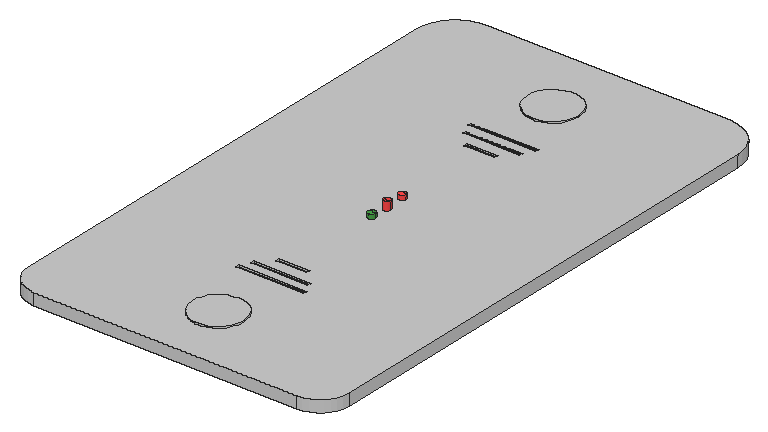
Revit family "UL924EPC1-UNV", category Communication Devices, host Face, Revit 2021
Family settings
  Host = Face
  Maintain Annotation Orientation = No
  Round Connector Dimension = Use Diameter
  Part Type = Normal
  OmniClass Number = 23.85.80.11.27
  OmniClass Title = Lighting Controls
  Cut with Voids When Loaded = No
  Shared = Yes
  Room Calculation Point = No
Parameters
  Warranty = "5-Years Warranty"  # constant formula
  Type Comments = "UL924 Flush Mount Relay"  # constant formula
  Red = Paint - Red
  Product Page URL = ""
  Product Documentation Link = ""
  URL = "https://www.currentlighting.com/nxlightingcontrols"
  Model = "UL924EPC1-UNV"  # constant formula
  Manufacturer = " NX Lighting Controls"  # constant formula
  Width = 2.75"
  Green = Paint - Green Textured
  Features = "•20 Amp, normally closed relay\r\n•120 or 277 volt operation\r\n•UL924 Listed\r\n•LED power indicators\r\n•Integral test button\r\n•No minimum load requirement\r\n•UL94-V5A rated plastic\r\n•Five-year warranty\r\n"  # constant formula
  Height = 4.50"
  Gray = Paint -  Gray Smooth
  Description = "Control Solutions flush mount 20 amp emergency load control relay is specifically designed for applications that require the control of emergency light fixtures along with the general lighting in a space. This type of emergency lighting is often referred to as “always on”. The UL924EPC1-UNV connects to the line side of the control device to sense the presence of “normal” power. It also connects to the load side of the control device to provide an ON/OFF signal for control of the emergency lights along with the general lighting. When normal power is lost, control is suspended and the normally closed relay provides emergency power to the emergency fixtures"  # constant formula
  Default Elevation = 48.00"
  Copyright = "Copyright © NX Lighting Controls"  # constant formula
  Contact Us = ""
  Assembly Code = "D5090"
  Application = "•Outdoor Lighting\r\n•Parking Lot\r\n•Parking Garage\r\n•Commerical\r\n•Education\r\n•Healthcare\r\n•Hospitality\r\n•Manufacturing\r\n•Retail\r\n•Warehouse"
Reference planes (in)
  plane 1 "Center (Front/Back)": y = 13.01342
  plane 2: z = 0
  plane 3 "Center (Left/Right)": x = 0
  plane 4: x = 1.38
  plane 5: x = -1.38
  plane 6: y = 15.39342
  plane 7: y = 10.63342
Forms (in)
  Extrusion 1, solid, material "Paint -  Gray Smooth" <- "Gray"
    sketch origin (0, 0, 0) x (1, 0, 0) y (0, 1, 0)
      loop
        arc (-1.04009, 15.39342) -> (-1.28044, 15.29386) -> (-1.38, 15.05351) r 0.33991
        line (-1.38, 15.05351) -> (-1.38, 10.88342)
        arc (-1.38, 10.88342) -> (-1.30678, 10.70664) -> (-1.13, 10.63342) r 0.25
        line (-1.13, 10.63342) -> (1.13, 10.63342)
        arc (1.13, 10.63342) -> (1.30678, 10.70664) -> (1.38, 10.88342) r 0.25
        line (1.38, 10.88342) -> (1.38, 15.05445)
        arc (1.38, 15.05445) -> (1.28072, 15.29414) -> (1.04103, 15.39342) r 0.33897
        line (1.04103, 15.39342) -> (-1.04009, 15.39342)
    from 0 to 0.1
  Extrusion 2, solid
    sketch origin (0, -0.15625, 0) x (1, 0, 0) y (0, 1, 0)
      loop
        arc (0.71875, 11.70092) -> (0.89553, 11.77414) -> (0.96875, 11.95092) r 0.25
        line (0.96875, 11.95092) -> (0.96875, 14.32331)
        arc (0.96875, 14.32331) -> (0.89553, 14.50008) -> (0.71875, 14.57331) r 0.25
        line (0.71875, 14.57331) -> (-0.64604, 14.57331)
        arc (-0.64604, 14.57331) -> (-0.82281, 14.50008) -> (-0.89604, 14.32331) r 0.25
        line (-0.89604, 14.32331) -> (-0.89604, 11.95092)
        arc (-0.89604, 11.95092) -> (-0.82281, 11.77414) -> (-0.64604, 11.70092) r 0.25
        line (-0.64604, 11.70092) -> (0.71875, 11.70092)
    from -0.15 to 0
  Extrusion 3, solid, material "Paint -  Gray Smooth" <- "Gray"
    sketch origin (0, 0, 0) x (1, 0, 0) y (0, 1, 0)
      loop
        circle (0, 14.79651) r 0.22
      loop
        circle (0, 11.19908) r 0.22
    from 0.11 to 0.1
  Extrusion 4, void
    sketch origin (0, 0, 0) x (1, 0, 0) y (0, 1, 0)
      loop
        line (-0.291, 14.27413) -> (-0.291, 14.24313) -> (0.29306, 14.24313) -> (0.29306, 14.27413) -> (-0.291, 14.27413)
      loop
        line (-0.24803, 14.16877) -> (-0.24803, 14.13777) -> (0.24228, 14.13777) -> (0.24228, 14.16877) -> (-0.24803, 14.16877)
      loop
        line (-0.13475, 14.03997) -> (-0.13475, 14.00897) -> (0.1329, 14.00897) -> (0.1329, 14.03997) -> (-0.13475, 14.03997)
      loop
        line (-0.291, 11.75271) -> (0.29306, 11.75271) -> (0.29306, 11.78371) -> (-0.291, 11.78371) -> (-0.291, 11.75271)
      loop
        line (-0.24803, 11.85807) -> (0.24228, 11.85807) -> (0.24228, 11.88907) -> (-0.24803, 11.88907) -> (-0.24803, 11.85807)
      loop
        line (-0.13475, 11.98687) -> (0.1329, 11.98687) -> (0.1329, 12.01787) -> (-0.13475, 12.01787) -> (-0.13475, 11.98687)
    from 0.09 to 0.1
  Revolve 5, solid, material "Paint - Red" <- "Red"
    sketch origin (0, 13.01342, 0) x (1, 0, 0) y (0, 0, 1)
      loop
        line (0, 0.09981) -> (0.031, 0.09981) -> (0.031, 0.16782) -> (0, 0.16782) -> (0, 0.09981)
      axis (0, 0.16782) -> (0, 0.09981)
    angle from 0 to 360
  Revolve 6, solid, material "Paint - Red" <- "Red"
    sketch origin (0, 13.17842, 0) x (1, 0, 0) y (0, 0, 1)
      loop
        line (0, 0.15531) -> (0, 0.11) -> (0.03137, 0.11) -> (0.03137, 0.1421)
        arc (0.03137, 0.1421) -> (0.01597, 0.14938) -> (0, 0.15531) r 0.19763
      axis (0, 0.15531) -> (0, 0.11)
    angle from 0 to 360
  Revolve 7, solid, material "Paint - Green Textured" <- "Green"
    sketch origin (0, 12.84842, 0) x (1, 0, 0) y (0, 0, -1)
      loop
        arc (0, -0.15531) -> (0.01597, -0.14938) -> (0.03137, -0.1421) r 0.19763
        line (0.03137, -0.1421) -> (0.03137, -0.11) -> (0, -0.11) -> (0, -0.15531)
      axis (0, -0.15531) -> (0, -0.11)
    angle from 0 to 360
Cuts and joins
  Extrusion 4 cuts Extrusion 1
  joined: Extrusion 1, Extrusion 3
Dimensions and locks (in)
  aligned and locked: plane 2 to host face
  aligned and locked: level to host face
Connectors (in)
  electrical at (0.00012, 12.99106, 0.1)
    settings: on cut or joined group of Extrusion 1, Extrusion 3, Extrusion 4, index 1, voltage 0 V, apparent load 0 VA, apparent load phase1 0 VA, apparent load phase2 0 VA, apparent load phase3 0 VA, power factor 1, load classification "Other", number of poles 1, system type 13, power factor state 1, is connector primary yes, connector utility no, sub classification motor no, connector description "Control Relay"
